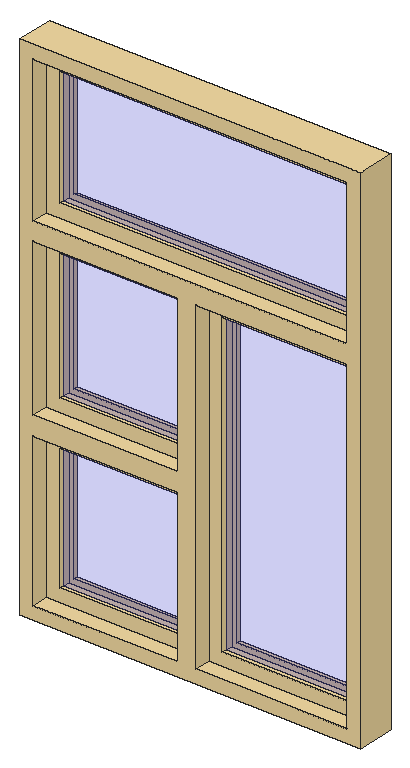
Revit family "4584V-COto 62", category Windows, host Wall, Revit 2016
Family settings
  Host = Wall
  OmniClass Number = 23.30.20.00
  OmniClass Title = Windows
  Always vertical = Yes
  Cut with Voids When Loaded = No
  Shared = No
  Room Calculation Point = No
Parameters (values of type "1188x1788mm")
  top 4 [instance] = yes
  top 3 [instance] = yes
  top 2 [instance] = yes
  top 1 [instance] = no
  right 4 [instance] = no
  right 2 [instance] = no
  right 1 [instance] = no
  right 3 [instance] = no
  left 4 [instance] = no
  left 3 [instance] = no
  left 2 [instance] = no
  left 1 [instance] = yes
  Sash 4 [instance] = or(top 4, right 4, left 4)  # yes
  Sash 3 [instance] = or(top 3, right 3, left 3)  # yes
  Sash 2 [instance] = or(top 2, right 2, left 2)  # yes
  Sash 1 [instance] = or(top 1, right 1, left 1)  # yes
  Rough Width = Width + 2 * Joint  # 1212 mm
  Rough Height = Height + 2 * Joint  # 1812 mm
  Offset from wall = 40 mm
  Mullion 3 Placement = 596 mm
  Mullion 2 Placement = 594 mm
  Mullion 1 Placement = 1192 mm
  Manufacturer = "www.kronevinduer.dk"
  Joint = 12 mm
  Height = 1788 mm
  Frame 176mm [instance] = no
  Frame 157mm [instance] = no
  Default Sill Height = 800 mm
  Wall Closure = By host
  Width = 1188 mm
Reference planes
  plane 1 "Center (Front/Back)": y = 0
  plane 2 "Center (Left/Right)": x = 0
  plane 3 "Left": x = -594
  plane 4 "Right": x = 594
  plane 5 "Sill": z = 800
  plane 6 "Head": z = 2588
  plane 7 "Exterior": y = 100
  plane 8 "Interior": y = -100
  plane 9: y = 60
  plane 10: x = 582
  plane 11: x = -582
  plane 12: z = 812
  plane 13: z = 2576
  plane 14: x = -12
  plane 15: z = 2004
  plane 16: x = 285
  plane 17: x = -297
  plane 18: z = 1408
  plane 19: z = 1694
  plane 20: z = 2290
  plane 21: z = 1408
  plane 22: z = 1110
  plane 23: z = 1706
Forms (mm)
  Sweep 1, solid, material "Wood frame"
    path origin (0, 100, 0) x (1, 0, 0) y (0, 0, 1)
      loop
        line (582, 812) -> (582, 2576) -> (-582, 2576) -> (-582, 812) -> (582, 812)
    profile "COto 62 træ-alu,karm- fast glas 45mm : COto 62 træ-alu,karm- fast glas 45mm" origin (0, 100, 812) x (0, 0, -1) y (0, -1, 0)
      loop
        line (0, 170) -> (-45, 170) -> (-45, 99) -> (-27, 99) -> (-27, 51) -> (-45, 51) -> (-45, 40) -> (0, 40) -> (0, 170)
  Sweep 2, solid, material "Wood frame", visible <- "Frame 157mm"
    path origin (0, 100, 0) x (1, 0, 0) y (0, 0, 1)
      loop
        line (582, 812) -> (582, 2576) -> (-582, 2576) -> (-582, 812) -> (582, 812)
    profile "COto 62 træ-alu,karm- fast glas 45mm-157 : COto 62 træ-alu,karm- fast glas 45mm-157" origin (0, 100, 812) x (0, 0, -1) y (0, -1, 0)
      loop
        line (0, 197) -> (-45, 197) -> (-45, 99) -> (-27, 99) -> (-27, 51) -> (-45, 51) -> (-45, 40) -> (0, 40) -> (0, 197)
  Sweep 3, solid, material "Wood frame", visible <- "Frame 176mm"
    path origin (0, 100, 0) x (1, 0, 0) y (0, 0, 1)
      loop
        line (582, 812) -> (582, 2576) -> (-582, 2576) -> (-582, 812) -> (582, 812)
    profile "COto 62 træ-alu,karm- fast glas 45mm-176 : COto 62 træ-alu,karm- fast glas 45mm-176" origin (0, 100, 812) x (0, 0, -1) y (0, -1, 0)
      loop
        line (0, 216) -> (-45, 216) -> (-45, 99) -> (-27, 99) -> (-27, 51) -> (-45, 51) -> (-45, 40) -> (0, 40) -> (0, 216)
  Extrusion 4, solid, material "Glass"
    sketch origin (-594, 0, 0) x (0, -1, 0) y (0, 0, 1)
      loop
        line (-49, 839) -> (-1, 839) -> (-1, 2549) -> (-49, 2549) -> (-49, 839)
    from -1149 to -39
  Sweep 5, solid, material "Wood frame"
    path origin (0, 100, 0) x (1, 0, 0) y (0, 0, 1)
      loop
        line (582, 2004) -> (-582, 2004)
    profile "COto 62 træ-alu, Post-fast glas 63 mm : COto 62 træ-alu, Post-fast glas 63 mm" origin (0, 100, 2004) x (0, 0, -1) y (0, -1, 0)
      loop
        line (31.5, 170) -> (-31.5, 170) -> (-31.5, 99) -> (-13.5, 99) -> (-13.5, 51) -> (-31.5, 51) -> (-31.5, 40) -> (31.5, 40) -> (31.5, 51) -> (13.5, 51) -> (13.5, 99) -> (31.5, 99) -> (31.5, 170)
  Sweep 6, solid, material "Wood frame", visible <- "Frame 157mm"
    path origin (0, 100, 0) x (1, 0, 0) y (0, 0, 1)
      loop
        line (582, 2004) -> (-582, 2004)
    profile "COto 62 træ-alu, Post-fast glas 63 mm-157 : COto 62 træ-alu, Post-fast glas 63 mm-157" origin (0, 100, 2004) x (0, 0, -1) y (0, -1, 0)
      loop
        line (31.5, 197) -> (-31.5, 197) -> (-31.5, 99) -> (-13.5, 99) -> (-13.5, 51) -> (-31.5, 51) -> (-31.5, 40) -> (31.5, 40) -> (31.5, 51) -> (13.5, 51) -> (13.5, 99) -> (31.5, 99) -> (31.5, 197)
  Sweep 7, solid, material "Wood frame", visible <- "Frame 176mm"
    path origin (0, 100, 0) x (1, 0, 0) y (0, 0, 1)
      loop
        line (582, 2004) -> (-582, 2004)
    profile "COto 62 træ-alu, Post-fast glas 63 mm-176 : COto 62 træ-alu, Post-fast glas 63 mm-176" origin (0, 100, 2004) x (0, 0, -1) y (0, -1, 0)
      loop
        line (31.5, 216) -> (-31.5, 216) -> (-31.5, 99) -> (-13.5, 99) -> (-13.5, 51) -> (-31.5, 51) -> (-31.5, 40) -> (31.5, 40) -> (31.5, 51) -> (13.5, 51) -> (13.5, 99) -> (31.5, 99) -> (31.5, 216)
  Sweep 8, solid, material "Wood frame"
    path origin (0, 100, 0) x (1, 0, 0) y (0, 0, 1)
      loop
        line (-12, 812) -> (-12, 2004)
    profile "COto 62 træ-alu, Post-fast glas 63 mm : COto 62 træ-alu, Post-fast glas 63 mm" origin (-12, 100, 1408) x (-1, 0, 0) y (0, -1, 0)
      loop
        line (31.5, 170) -> (-31.5, 170) -> (-31.5, 99) -> (-13.5, 99) -> (-13.5, 51) -> (-31.5, 51) -> (-31.5, 40) -> (31.5, 40) -> (31.5, 51) -> (13.5, 51) -> (13.5, 99) -> (31.5, 99) -> (31.5, 170)
  Sweep 9, solid, material "Wood frame", visible <- "Frame 157mm"
    path origin (0, 100, 0) x (1, 0, 0) y (0, 0, 1)
      loop
        line (-12, 812) -> (-12, 2004)
    profile "COto 62 træ-alu, Post-fast glas 63 mm-157 : COto 62 træ-alu, Post-fast glas 63 mm-157" origin (-12, 100, 1408) x (-1, 0, 0) y (0, -1, 0)
      loop
        line (31.5, 197) -> (-31.5, 197) -> (-31.5, 99) -> (-13.5, 99) -> (-13.5, 51) -> (-31.5, 51) -> (-31.5, 40) -> (31.5, 40) -> (31.5, 51) -> (13.5, 51) -> (13.5, 99) -> (31.5, 99) -> (31.5, 197)
  Sweep 10, solid, material "Wood frame", visible <- "Frame 176mm"
    path origin (0, 100, 0) x (1, 0, 0) y (0, 0, 1)
      loop
        line (-12, 812) -> (-12, 2004)
    profile "COto 62 træ-alu, Post-fast glas 63 mm-176 : COto 62 træ-alu, Post-fast glas 63 mm-176" origin (-12, 100, 1408) x (-1, 0, 0) y (0, -1, 0)
      loop
        line (31.5, 216) -> (-31.5, 216) -> (-31.5, 99) -> (-13.5, 99) -> (-13.5, 51) -> (-31.5, 51) -> (-31.5, 40) -> (31.5, 40) -> (31.5, 51) -> (13.5, 51) -> (13.5, 99) -> (31.5, 99) -> (31.5, 216)
  Sweep 11, solid, material "Wood frame", visible <- "Sash 1"
    path origin (0, 100, 0) x (1, 0, 0) y (0, 0, 1)
      loop
        line (555, 839) -> (555, 1990.5) -> (1.5, 1990.5) -> (1.5, 839) -> (555, 839)
    profile "COto 62 træ-alu,opluk-ramme : COto 62 træ-alu,opluk-ramme" origin (278.25, 100, 839) x (0, 0, -1) y (0, -1, 0)
      loop
        line (0, 99) -> (-18, 99) -> (-18, 114) -> (-63, 114) -> (-63, 99) -> (-45, 99) -> (-45, 51) -> (-63, 51) -> (-63, 40) -> (0, 40) -> (0, 99)
  Sweep 12, solid, material "Wood frame", visible <- "Sash 4"
    path origin (0, 100, 0) x (1, 0, 0) y (0, 0, 1)
      loop
        line (555, 2017.5) -> (555, 2549) -> (-555, 2549) -> (-555, 2017.5) -> (555, 2017.5)
    profile "COto 62 træ-alu,opluk-ramme : COto 62 træ-alu,opluk-ramme" origin (0, 100, 2017.5) x (0, 0, -1) y (0, -1, 0)
      loop
        line (0, 99) -> (-18, 99) -> (-18, 114) -> (-63, 114) -> (-63, 99) -> (-45, 99) -> (-45, 51) -> (-63, 51) -> (-63, 40) -> (0, 40) -> (0, 99)
  Sweep 13, solid, material "Wood frame"
    path origin (0, 100, 0) x (1, 0, 0) y (0, 0, 1)
      loop
        line (-12, 1408) -> (-582, 1408)
    profile "COto 62 træ-alu, Post-fast glas 63 mm : COto 62 træ-alu, Post-fast glas 63 mm" origin (-297, 100, 1408) x (0, 0, -1) y (0, -1, 0)
      loop
        line (31.5, 170) -> (-31.5, 170) -> (-31.5, 99) -> (-13.5, 99) -> (-13.5, 51) -> (-31.5, 51) -> (-31.5, 40) -> (31.5, 40) -> (31.5, 51) -> (13.5, 51) -> (13.5, 99) -> (31.5, 99) -> (31.5, 170)
  Sweep 14, solid, material "Wood frame", visible <- "Frame 157mm"
    path origin (0, 100, 0) x (1, 0, 0) y (0, 0, 1)
      loop
        line (-12, 1408) -> (-582, 1408)
    profile "COto 62 træ-alu, Post-fast glas 63 mm-157 : COto 62 træ-alu, Post-fast glas 63 mm-157" origin (-297, 100, 1408) x (0, 0, -1) y (0, -1, 0)
      loop
        line (31.5, 197) -> (-31.5, 197) -> (-31.5, 99) -> (-13.5, 99) -> (-13.5, 51) -> (-31.5, 51) -> (-31.5, 40) -> (31.5, 40) -> (31.5, 51) -> (13.5, 51) -> (13.5, 99) -> (31.5, 99) -> (31.5, 197)
  Sweep 15, solid, material "Wood frame", visible <- "Frame 176mm"
    path origin (0, 100, 0) x (1, 0, 0) y (0, 0, 1)
      loop
        line (-12, 1408) -> (-582, 1408)
    profile "COto 62 træ-alu, Post-fast glas 63 mm-176 : COto 62 træ-alu, Post-fast glas 63 mm-176" origin (-297, 100, 1408) x (0, 0, -1) y (0, -1, 0)
      loop
        line (31.5, 216) -> (-31.5, 216) -> (-31.5, 99) -> (-13.5, 99) -> (-13.5, 51) -> (-31.5, 51) -> (-31.5, 40) -> (31.5, 40) -> (31.5, 51) -> (13.5, 51) -> (13.5, 99) -> (31.5, 99) -> (31.5, 216)
  Sweep 16, solid, material "Wood frame", visible <- "Sash 2"
    path origin (0, 100, 0) x (1, 0, 0) y (0, 0, 1)
      loop
        line (-25.5, 839) -> (-25.5, 1394.5) -> (-555, 1394.5) -> (-555, 839) -> (-25.5, 839)
    profile "COto 62 træ-alu,opluk-ramme : COto 62 træ-alu,opluk-ramme" origin (-290.25, 100, 839) x (0, 0, -1) y (0, -1, 0)
      loop
        line (0, 99) -> (-18, 99) -> (-18, 114) -> (-63, 114) -> (-63, 99) -> (-45, 99) -> (-45, 51) -> (-63, 51) -> (-63, 40) -> (0, 40) -> (0, 99)
  Sweep 17, solid, material "Wood frame", visible <- "Sash 3"
    path origin (0, 100, 0) x (1, 0, 0) y (0, 0, 1)
      loop
        line (-25.5, 1421.5) -> (-25.5, 1990.5) -> (-555, 1990.5) -> (-555, 1421.5) -> (-25.5, 1421.5)
    profile "COto 62 træ-alu,opluk-ramme : COto 62 træ-alu,opluk-ramme" origin (-290.25, 100, 1421.5) x (0, 0, -1) y (0, -1, 0)
      loop
        line (0, 99) -> (-18, 99) -> (-18, 114) -> (-63, 114) -> (-63, 99) -> (-45, 99) -> (-45, 51) -> (-63, 51) -> (-63, 40) -> (0, 40) -> (0, 99)
Cuts and joins
  joined: Sweep 1, Sweep 5, Sweep 8, Sweep 13
  joined: Sweep 2, Sweep 6, Sweep 9, Sweep 14
  joined: Sweep 3, Sweep 7, Sweep 10, Sweep 15
Lines and regions (mm)
  Opening 1
    outline origin (3500, -100, 0) x (1, 0, 0) y (0, 0, 1)
      loop
        line (-2906, 800) -> (-2906, 2588) -> (-4094, 2588) -> (-4094, 800) -> (-2906, 800)
  symbolic lines, visible <- "top 1"
    curve 1: line (555, 100, 1990.5) -> (285, 100, 839)
    curve 2: line (285, 100, 839) -> (1.5, 100, 1990.5)
  symbolic lines, visible <- "top 4"
    curve 3: line (555, 100, 2549) -> (0, 100, 2017.5)
    curve 4: line (0, 100, 2017.5) -> (-555, 100, 2549)
  symbolic lines, visible <- "left 4"
    curve 5: line (555, 100, 2549) -> (-555, 100, 2290)
    curve 6: line (-555, 100, 2290) -> (555, 100, 2017.5)
  symbolic lines, visible <- "right 4"
    curve 7: line (-555, 100, 2549) -> (555, 100, 2290)
    curve 8: line (555, 100, 2290) -> (-555, 100, 2017.5)
  symbolic lines, visible <- "left 1"
    curve 9: line (555, 100, 1990.5) -> (1.5, 100, 1408)
    curve 10: line (1.5, 100, 1408) -> (555, 100, 839)
  symbolic lines, visible <- "right 1"
    curve 11: line (1.5, 100, 1990.5) -> (555, 100, 1408)
    curve 12: line (555, 100, 1408) -> (1.5, 100, 839)
  symbolic lines, visible <- "top 3"
    curve 13: line (-25.5, 100, 1990.5) -> (-297, 100, 1421.5)
    curve 14: line (-297, 100, 1421.5) -> (-555, 100, 1990.5)
  symbolic lines, visible <- "top 2"
    curve 15: line (-25.5, 100, 1394.5) -> (-297, 100, 839)
    curve 16: line (-297, 100, 839) -> (-555, 100, 1394.5)
  symbolic lines, visible <- "left 3"
    curve 17: line (-25.5, 100, 1990.5) -> (-537, 100, 1706)
    curve 18: line (-537, 100, 1706) -> (-25.5, 100, 1421.5)
  symbolic lines, visible <- "left 2"
    curve 19: line (-25.5, 100, 1394.5) -> (-555, 100, 1110)
    curve 20: line (-555, 100, 1110) -> (-25.5, 100, 839)
  symbolic lines, visible <- "right 3"
    curve 21: line (-555, 100, 1990.5) -> (-25.5, 100, 1706)
    curve 22: line (-25.5, 100, 1706) -> (-555, 100, 1421.5)
  symbolic lines, visible <- "right 2"
    curve 23: line (-555, 100, 1394.5) -> (-25.5, 100, 1110)
    curve 24: line (-25.5, 100, 1110) -> (-555, 100, 838.163)
Text (mm)
  text "EXTERIOR" at (-1963.203, 1332.353, 0), in view "Ref. Level"
  text "INTERIOR" at (-1981.466, -818.386, 0), in view "Ref. Level"
  text "Exterior" at (0, 923.751, 2943.296), in view "Right"
  text "Exterior" at (0, 1040.484, 2685.409), in view "Left"
Dimensions and locks
  equal spacing: plane 3 "Left", plane 2 "Center (Left/Right)", plane 4 "Right"
  "Width": plane 3 "Left" to plane 4 "Right"
  "Height": plane 5 "Sill" to plane 6 "Head"
  "Default Sill Height": plane 5 "Sill" to level
  locked: plane 7 "Exterior" to host wall at 0
  locked: plane 8 "Interior" to host wall
  "Joint": plane 13 to plane 6 "Head"
  "Joint": plane 5 "Sill" to plane 12
  "Joint": plane 3 "Left" to plane 11
  "Joint": plane 10 to plane 4 "Right"
  "Offset from wall": plane 9 to plane 7 "Exterior"
  "Mullion 2 Placement": plane 14 to plane 10
  "Mullion 1 Placement": plane 12 to plane 15
  equal spacing: plane 14, plane 16, plane 10
  equal spacing: plane 11, plane 17, plane 14
  equal spacing: plane 12, plane 19, plane 13
  equal spacing: plane 15, plane 20, plane 13
  "Mullion 3 Placement": plane 12 to plane 18
  equal spacing: plane 12, plane 21, plane 15
  equal spacing: plane 12, plane 22, plane 18
  equal spacing: plane 18, plane 23, plane 15
  aligned and locked: plane 12 to Sweep 1 sketch curve
  aligned and locked: plane 10 to Sweep 1 sketch curve
  aligned and locked: Sweep 1 sketch curve to plane 13
  aligned and locked: Sweep 1 sketch curve to plane 11
  aligned and locked: Extrusion 4 sketch curve to Sweep 1  (x2)
  aligned and locked: Extrusion 4 to Sweep 1  (x4)
  aligned and locked: plane 15 to Sweep 5 sketch curve
  aligned and locked: Sweep 11 sketch curve to Extrusion 4  (x2)
  aligned and locked: cut or joined group of Sweep 1, Sweep 5, Sweep 8, Sweep 13 to Sweep 11 sketch curve
  aligned and locked: Sweep 11 sketch curve to cut or joined group of Sweep 1, Sweep 5, Sweep 8, Sweep 13
  aligned and locked: Sweep 12 sketch curve to cut or joined group of Sweep 1, Sweep 5, Sweep 8, Sweep 13  (x2)
  aligned and locked: Sweep 12 sketch curve to Extrusion 4  (x2)
  aligned and locked: cut or joined group of Sweep 1, Sweep 5, Sweep 8, Sweep 13 to Sweep 16 sketch curve  (x2)
  aligned and locked: Sweep 16 sketch curve to cut or joined group of Sweep 1, Sweep 5, Sweep 8, Sweep 13  (x2)
  aligned and locked: Sweep 17 sketch curve to cut or joined group of Sweep 1, Sweep 5, Sweep 8, Sweep 13  (x3)
  aligned and locked: cut or joined group of Sweep 1, Sweep 5, Sweep 8, Sweep 13 to Sweep 17 sketch curve
Automatic sketch dimensions
  Opening 1 sketch curve to plane 3 "Left" = 0 mm
  Opening 1 sketch curve to plane 4 "Right" = 0 mm
  Opening 1 sketch curve to plane 5 "Sill" = 0 mm
  Opening 1 sketch curve to plane 6 "Head" = 0 mm
  plane 11 to Sweep 2 sketch curve = 0 mm
  plane 10 to Sweep 2 sketch curve = 0 mm
  Sweep 2 sketch curve to plane 12 = 0 mm
  Sweep 2 sketch curve to plane 13 = 0 mm
  plane 11 to Sweep 3 sketch curve = 0 mm
  plane 10 to Sweep 3 sketch curve = 0 mm
  Sweep 3 sketch curve to plane 12 = 0 mm
  Sweep 3 sketch curve to plane 13 = 0 mm
  Extrusion 4 sketch curve to plane 5 "Sill" = 39 mm
  plane 6 "Head" to Extrusion 4 sketch curve = 39 mm
  plane 11 to Sweep 5 sketch curve = 0 mm
  plane 10 to Sweep 5 sketch curve = 0 mm
  plane 11 to Sweep 6 sketch curve = 0 mm
  plane 10 to Sweep 6 sketch curve = 0 mm
  Sweep 6 sketch curve to plane 15 = 0 mm
  plane 11 to Sweep 7 sketch curve = 0 mm
  plane 10 to Sweep 7 sketch curve = 0 mm
  Sweep 7 sketch curve to plane 15 = 0 mm
  plane 14 to Sweep 8 sketch curve = 0 mm
  Sweep 8 sketch curve to plane 12 = 0 mm
  Sweep 8 sketch curve to plane 15 = 0 mm
  plane 14 to Sweep 9 sketch curve = 0 mm
  Sweep 9 sketch curve to plane 12 = 0 mm
  Sweep 9 sketch curve to plane 15 = 0 mm
  plane 14 to Sweep 10 sketch curve = 0 mm
  Sweep 10 sketch curve to plane 12 = 0 mm
  Sweep 10 sketch curve to plane 15 = 0 mm
  plane 11 to Sweep 13 sketch curve = 0 mm
  plane 14 to Sweep 13 sketch curve = 0 mm
  Sweep 13 sketch curve to plane 18 = 0 mm
  plane 11 to Sweep 14 sketch curve = 0 mm
  plane 14 to Sweep 14 sketch curve = 0 mm
  Sweep 14 sketch curve to plane 18 = 0 mm
  plane 11 to Sweep 15 sketch curve = 0 mm
  plane 14 to Sweep 15 sketch curve = 0 mm
  Sweep 15 sketch curve to plane 18 = 0 mm
  curve 19 to plane 22 = 0 mm
  curve 5 to plane 20 = 0 mm
  curve 18 to plane 23 = 0 mm
  plane 17 to curve 16 = 0 mm
  plane 17 to curve 13 = 0 mm
  plane 2 "Center (Left/Right)" to curve 3 = 0 mm
  curve 23 to plane 22 = 0 mm
  curve 22 to plane 23 = 0 mm
  curve 9 to plane 21 = 0 mm
  plane 16 to curve 1 = 0 mm
  curve 7 to plane 20 = 0 mm
  curve 11 to plane 21 = 0 mm
  curve 17 to plane 11 = 45 mm
  curve 7 to plane 11 = 27 mm
  curve 21 to plane 11 = 27 mm
  curve 6 to plane 11 = 27 mm
  curve 20 to plane 11 = 27 mm
  curve 23 to plane 11 = 27 mm
  plane 14 to curve 17 = 13.5 mm
  plane 14 to curve 22 = 13.5 mm
  plane 14 to curve 15 = 13.5 mm
  curve 9 to plane 14 = 13.5 mm
  curve 2 to plane 14 = 13.5 mm
  plane 10 to curve 9 = 27 mm
  plane 10 to curve 7 = 27 mm
  plane 10 to curve 5 = 27 mm
  plane 10 to curve 11 = 27 mm
  plane 12 to curve 16 = 27 mm
  plane 12 to curve 2 = 27 mm
  plane 18 to curve 23 = 13.5 mm
  plane 18 to curve 19 = 13.5 mm
  curve 13 to plane 18 = 13.5 mm
  curve 14 to plane 15 = 13.5 mm
  curve 9 to plane 15 = 13.5 mm
  curve 2 to plane 15 = 13.5 mm
  curve 17 to plane 15 = 13.5 mm
  plane 15 to curve 3 = 13.5 mm
  curve 4 to plane 13 = 27 mm
  curve 3 to plane 13 = 27 mm
  curve 8 to curve 14 = 0 mm
  curve 22 to curve 16 = 0 mm
  curve 24 to plane 11 = 27 mm
  plane 14 to curve 18 = 13.5 mm
  plane 14 to curve 23 = 13.5 mm
  plane 14 to curve 20 = 13.5 mm
  curve 12 to plane 14 = 13.5 mm
  plane 10 to curve 10 = 27 mm
  plane 10 to curve 6 = 27 mm
  plane 12 to curve 20 = 27 mm
  curve 12 to curve 20 = 0 mm
  plane 12 to curve 10 = 27 mm
  plane 12 to curve 24 = 26.163 mm
  curve 18 to plane 18 = 13.5 mm
  curve 22 to plane 18 = 13.5 mm
  plane 15 to curve 8 = 13.5 mm
  plane 15 to curve 6 = 13.5 mm
